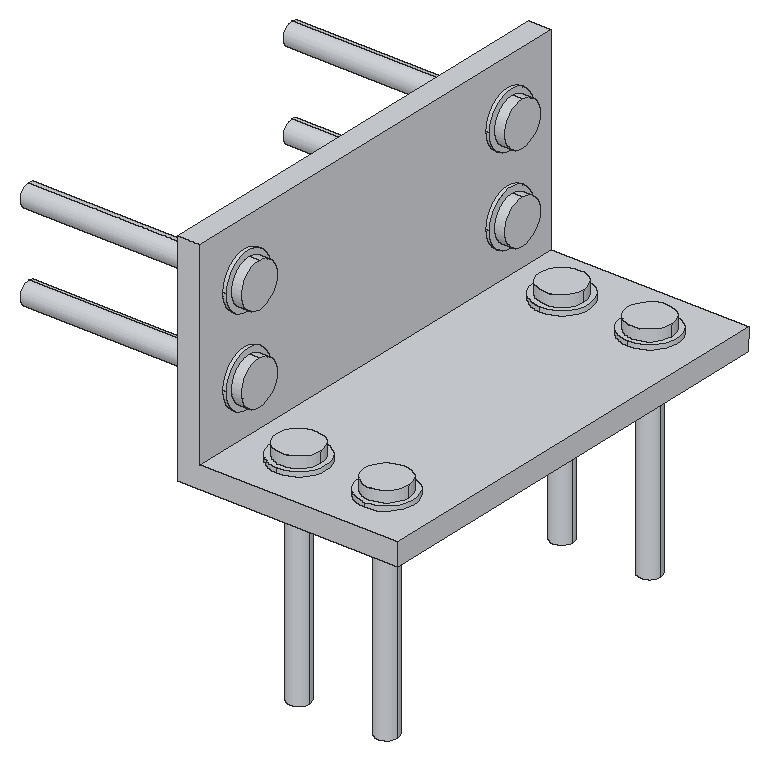
Revit family "GC - Assemblaggio Bullone + Rondella + Piatto a L", category Generic Models, host Face, Revit 2018
Family settings
  Host = Face
  Can host rebar = No
  Round Connector Dimension = Use Diameter
  Part Type = Normal
  Cut with Voids When Loaded = No
  Shared = No
  Room Calculation Point = No
Parameters
  Posizionamento Rondelle + Bulloni = 0 mm
  Default Elevation = 1219.2 mm
Reference planes
  plane 1 "Center (Front/Back)": y = 0
  plane 2: z = 0
  plane 3 "Center (Left/Right)": x = 0
Dimensions and locks
  aligned and locked: plane 2 to host face
  aligned and locked: level to host face
  aligned and locked: nested 1 to nested 3
  aligned and locked: nested 1 to nested 2
  aligned and locked: nested 1 to nested 5
  aligned and locked: nested 4 to nested 1
  aligned and locked: nested 1 to nested 4
  aligned and locked: nested 5 to nested 1
  aligned and locked: nested 3 to nested 1
  aligned and locked: nested 2 to nested 1
  aligned and locked: nested 1 to nested 9
  aligned and locked: nested 1 to nested 6
  aligned and locked: nested 1 to nested 8
  aligned and locked: nested 1 to nested 7
  aligned and locked: nested 9 to nested 1
  aligned and locked: nested 8 to nested 1
  aligned and locked: nested 6 to nested 1
  aligned and locked: nested 7 to nested 1
  aligned and locked: nested 16 to nested 1  (x2)
  aligned and locked: nested 17 to nested 1  (x2)
  aligned and locked: nested 15 to nested 1  (x2)
  aligned and locked: nested 14 to nested 1  (x2)
  aligned and locked: nested 11 to nested 3
  aligned and locked: nested 12 to nested 3
  aligned and locked: nested 13 to nested 1  (x2)
  aligned and locked: nested 10 to nested 1
  aligned and locked: nested 3 to nested 11
  aligned and locked: nested 3 to nested 10
  aligned and locked: nested 12 to nested 1
Nested families
  nested 1: "GC - Piatto a L" at (34.327, -148.194, 0) x (-1, 0, 0) z (0, 0, 1), type "GC - Piatto a L"
  nested 2: "GC - Rondella" at (109.327, 26.806, 10) x (0, -1, 0) z (0, 0, 1), type "GC - Rondella"
  nested 3: "GC - Rondella" at (69.327, 26.806, 10) x (0, -1, 0) z (0, 0, 1), type "GC - Rondella"
  nested 4: "GC - Rondella" at (69.327, -123.194, 10) x (0, -1, 0) z (0, 0, 1), type "GC - Rondella"
  nested 5: "GC - Rondella" at (109.327, -123.194, 10) x (0, -1, 0) z (0, 0, 1), type "GC - Rondella"
  nested 6: "GC - Rondella" at (44.327, -123.194, 75) x (0, -1, 0) z (1, 0, 0), type "GC - Rondella"
  nested 7: "GC - Rondella" at (44.327, -123.194, 35) x (0, -1, 0) z (1, 0, 0), type "GC - Rondella"
  nested 8: "GC - Rondella" at (44.327, 26.806, 35) x (0, -1, 0) z (1, 0, 0), type "GC - Rondella"
  nested 9: "GC - Rondella" at (44.327, 26.806, 75) x (0, -1, 0) z (1, 0, 0), type "GC - Rondella"
  nested 10: "GC - Bullone" at (109.327, 26.806, 12), type "GC - Bullone"
  nested 11: "GC - Bullone" at (69.327, 26.806, 12), type "GC - Bullone"
  nested 12: "GC - Bullone" at (69.327, -123.194, 12), type "GC - Bullone"
  nested 13: "GC - Bullone" at (109.327, -123.194, 12), type "GC - Bullone"
  nested 14: "GC - Bullone" at (46.327, -123.194, 35) x (0, 0, -1) z (1, 0, 0), type "GC - Bullone"
  nested 15: "GC - Bullone" at (46.327, -123.194, 75) x (0, 0, -1) z (1, 0, 0), type "GC - Bullone"
  nested 16: "GC - Bullone" at (46.327, 26.806, 75) x (0, 0, -1) z (1, 0, 0), type "GC - Bullone"
  nested 17: "GC - Bullone" at (46.327, 26.806, 35) x (0, 0, -1) z (1, 0, 0), type "GC - Bullone"
Definition of nested family "GC - Piatto a L"
  Parameters (values of type "GC - Piatto a L")
    Piatto a L _ Spessore = 10 mm
    Piatto a L _ Raggio Foro = Piatto a L _ Diametro Foro / 2  # 5 mm
    Piatto a L _ Posizione Foro = Piatto a L _ Raggio Foro + 20 mm  # 25 mm
    Piatto a L _ Lunghezza = 100 mm
    Piatto a L _ Larghezza = 200 mm
    Piatto a L _ Diametro Foro = 10 mm
    Default Elevation = 1219.2 mm
  Reference planes
    plane 1 "Center (Front/Back)": y = 0
    plane 2: z = 0
    plane 3 "Center (Left/Right)": x = 0
    plane 4: x = -10
    plane 5: z = 10
    plane 6: z = 100
    plane 7: x = -100
    plane 8: y = -200
    plane 9: z = 75
    plane 10: y = -25
    plane 11: y = -175
    plane 12: z = 35
    plane 13: x = -75
    plane 14: x = -35
  Forms (mm)
    Extrusion 1, solid
      sketch origin (0, 0, 0) x (1, 0, 0) y (0, 1, 0)
        loop
          line (-1219.2, 1219.2) -> (-1219.2, -1219.2) -> (1219.2, -1219.2) -> (1219.2, 1219.2) -> (-1219.2, 1219.2)
      from 0 to -304.8
    Extrusion 2, solid
      sketch origin (0, 0, 0) x (1, 0, 0) y (0, 0, 1)
        loop
          line (0, 100) -> (-10, 100) -> (-10, 10) -> (-100, 10) -> (-100, 0) -> (0, 0) -> (0, 100)
      from 0 to 200
    Extrusion 3, void
      sketch origin (0, 0, 0) x (0, 1, 0) y (0, 0, 1)
        loop
          circle (-25, 75) r 5
      from -213.479 to 250
    Extrusion 4, void
      sketch origin (0, 0, 0) x (0, 1, 0) y (0, 0, 1)
        loop
          circle (-175, 75) r 5
      from -61.32 to 250
    Extrusion 5, void
      sketch origin (0, 0, 0) x (0, 1, 0) y (0, 0, 1)
        loop
          circle (-25, 35) r 5
      from -70.43 to 250
    Extrusion 6, void
      sketch origin (0, 0, 0) x (0, 1, 0) y (0, 0, 1)
        loop
          circle (-175, 35) r 5
      from -70.43 to 250
    Extrusion 7, void
      sketch origin (0, 0, 0) x (1, 0, 0) y (0, 1, 0)
        loop
          circle (-75, -25) r 5
        loop
          circle (-75, -175) r 5
        loop
          circle (-35, -25) r 5
        loop
          circle (-35, -175) r 5
      from 0 to 250
  Cuts and joins
    Extrusion 3, Extrusion 4, Extrusion 5, Extrusion 6, Extrusion 7 cuts Extrusion 2
  Dimensions and locks
    "Piatto a L _ Lunghezza": plane 2 to plane 6
    "Piatto a L _ Lunghezza": plane 3 "Center (Left/Right)" to plane 7
    "Piatto a L _ Spessore": plane 3 "Center (Left/Right)" to plane 4
    "Piatto a L _ Spessore": plane 2 to plane 5
    "Piatto a L _ Larghezza": plane 1 "Center (Front/Back)" to plane 8
    "Piatto a L _ Posizione Foro": plane 6 to plane 9
    "Piatto a L _ Posizione Foro": plane 1 "Center (Front/Back)" to plane 10
    "Piatto a L _ Posizione Foro": plane 11 to plane 8
    "Piatto a L _ Posizione Foro": plane 12 to plane 5
    "Piatto a L _ Posizione Foro": plane 7 to plane 13
    "Piatto a L _ Posizione Foro": plane 14 to plane 4
    "Piatto a L _ Raggio Foro": radius of Extrusion 3 sketch curve
    "Piatto a L _ Raggio Foro": radius of Extrusion 4 sketch curve
    "Piatto a L _ Raggio Foro": radius of Extrusion 5 sketch curve
    "Piatto a L _ Raggio Foro": radius of Extrusion 6 sketch curve
    "Piatto a L _ Raggio Foro": radius of Extrusion 7 sketch curve  (x4)
    aligned and locked: plane 2 to Extrusion 1
    aligned and locked: level to Extrusion 1
    aligned and locked: Extrusion 2 sketch curve to plane 3 "Center (Left/Right)"
    aligned and locked: Extrusion 2 sketch curve to plane 6
    aligned and locked: Extrusion 2 sketch curve to plane 4
    aligned and locked: plane 2 to Extrusion 2 sketch curve
    aligned and locked: Extrusion 2 sketch curve to plane 7
    aligned and locked: Extrusion 2 sketch curve to plane 5
    aligned and locked: Extrusion 2 to plane 8
  Automatic sketch dimensions
    Extrusion 1 sketch curve to Extrusion 1 sketch curve = 2438.4 mm  (x2)
    Extrusion 3 sketch curve to plane 9 = 0 mm
    Extrusion 3 sketch curve to plane 10 = 0 mm
    Extrusion 4 sketch curve to plane 9 = 0 mm
    Extrusion 4 sketch curve to plane 11 = 0 mm
    Extrusion 5 sketch curve to plane 10 = 0 mm
    Extrusion 5 sketch curve to plane 12 = 0 mm
    Extrusion 6 sketch curve to plane 11 = 0 mm
    Extrusion 6 sketch curve to plane 12 = 0 mm
    plane 11 to Extrusion 7 sketch curve = 0 mm  (x2)
    Extrusion 7 sketch curve to plane 13 = 0 mm  (x2)
    plane 10 to Extrusion 7 sketch curve = 0 mm  (x2)
    Extrusion 7 sketch curve to plane 14 = 0 mm  (x2)
Definition of nested family "GC - Rondella"
  Parameters (values of type "GC - Rondella")
    Rondella _ Spessore = 2 mm
    Rondella _ Raggio Foro = Rondella _ Diametro Foro / 2  # 5 mm
    Rondella _ Raggio = Rondella _ Diametro / 2  # 12.5 mm
    Rondella _ Diametro Foro = 10 mm
    Rondella _ Diametro = 25 mm
    Default Elevation = 1219.2 mm
  Reference planes
    plane 1 "Center (Front/Back)": y = 0
    plane 2: z = 0
    plane 3 "Center (Left/Right)": x = 0
    plane 4: z = 2
  Forms (mm)
    Extrusion 1, solid
      sketch origin (0, 0, 0) x (1, 0, 0) y (0, 1, 0)
        loop
          line (-1219.2, 1219.2) -> (-1219.2, -1219.2) -> (1219.2, -1219.2) -> (1219.2, 1219.2) -> (-1219.2, 1219.2)
      from 0 to -304.8
    Extrusion 2, solid
      sketch origin (0, 0, 0) x (1, 0, 0) y (0, 1, 0)
        loop
          circle (0, 0) r 12.5
      from 0 to 2
    Extrusion 3, void
      sketch origin (0, 0, 0) x (1, 0, 0) y (0, 1, 0)
        loop
          circle (0, 0) r 5
      from 0 to 250
  Cuts and joins
    Extrusion 3 cuts Extrusion 2
  Dimensions and locks
    "Rondella _ Spessore": plane 2 to plane 4
    "Rondella _ Raggio": radius of Extrusion 2 sketch curve
    "Rondella _ Raggio Foro": radius of Extrusion 3 sketch curve
    aligned and locked: plane 2 to Extrusion 1
    aligned and locked: level to Extrusion 1
    aligned and locked: plane 4 to cut or joined group of Extrusion 2, Extrusion 3
  Automatic sketch dimensions
    Extrusion 1 sketch curve to Extrusion 1 sketch curve = 2438.4 mm  (x2)
    plane 1 "Center (Front/Back)" to Extrusion 2 sketch curve = 0 mm
    Extrusion 2 sketch curve to plane 3 "Center (Left/Right)" = 0 mm
    plane 1 "Center (Front/Back)" to Extrusion 3 sketch curve = 0 mm
    Extrusion 3 sketch curve to plane 3 "Center (Left/Right)" = 0 mm
Definition of nested family "GC - Bullone"
  Parameters (values of type "GC - Bullone")
    Testa Bullone _ Spessore = 5 mm
    Testa Bullone _ Raggio = Testa Bullone _ Diametro / 2  # 10 mm
    Testa Bullone _ Diametro = 20 mm
    Default Elevation = 1219.2 mm
    Anima Bullone _ Lunghezza = 100 mm
    Anima Bullone _ Raggio = Anima Bullone _ Diametro / 2  # 5 mm
    Anima Bullone _ Diametro = 10 mm
  Reference planes
    plane 1 "Center (Front/Back)": y = 0
    plane 2: z = 0
    plane 3 "Center (Left/Right)": x = 0
    plane 4: z = 5
    plane 5: z = -100
  Forms (mm)
    Extrusion 1, solid
      sketch origin (0, 0, 0) x (1, 0, 0) y (0, 1, 0)
        loop
          line (-1219.2, 1219.2) -> (-1219.2, -1219.2) -> (1219.2, -1219.2) -> (1219.2, 1219.2) -> (-1219.2, 1219.2)
      from 0 to -304.8
    Extrusion 2, solid
      sketch origin (0, 0, 0) x (1, 0, 0) y (0, 1, 0)
        loop
          circle (0, 0) r 10
      from 0 to 5
    Extrusion 3, solid
      sketch origin (0, 0, 0) x (1, 0, 0) y (0, 1, 0)
        loop
          circle (0, 0) r 5
      from -100 to 0
  Dimensions and locks
    "Testa Bullone _ Spessore": plane 2 to plane 4
    "Anima Bullone _ Lunghezza": plane 5 to plane 2
    "Testa Bullone _ Raggio": radius of Extrusion 2 sketch curve
    "Anima Bullone _ Raggio": radius of Extrusion 3 sketch curve
    aligned and locked: plane 2 to Extrusion 1
    aligned and locked: level to Extrusion 1
    aligned and locked: plane 4 to Extrusion 2
    aligned and locked: Extrusion 3 to plane 5
    aligned and locked: plane 2 to Extrusion 3
  Automatic sketch dimensions
    Extrusion 1 sketch curve to Extrusion 1 sketch curve = 2438.4 mm  (x2)
    plane 1 "Center (Front/Back)" to Extrusion 2 sketch curve = 0 mm
    Extrusion 2 sketch curve to plane 3 "Center (Left/Right)" = 0 mm
    plane 1 "Center (Front/Back)" to Extrusion 3 sketch curve = 0 mm
    Extrusion 3 sketch curve to plane 3 "Center (Left/Right)" = 0 mm
